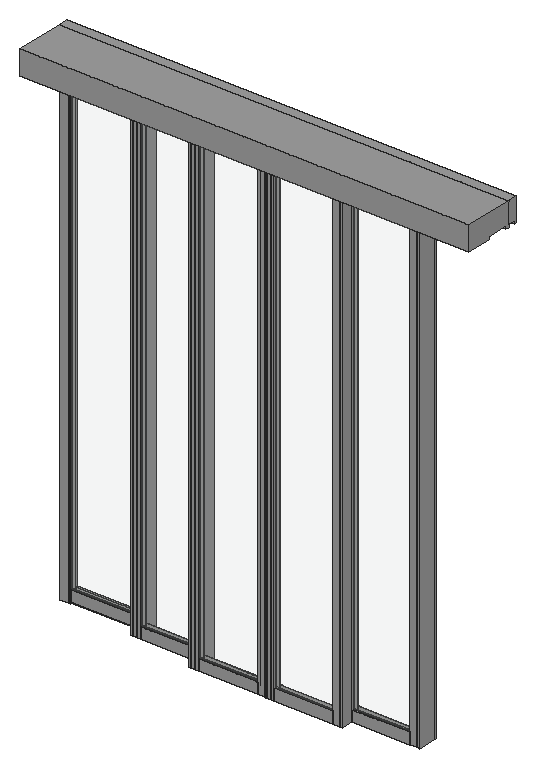
Revit family "agtatec_Record_SldngDrset_D-TSA-Telescopic_CurtainWallPanel", category Curtain Panels, Revit 2015 (continued)
Definition of nested family "D-TSA-Telescopic"
  Definition of nested family "Interlacing profile - Inner"
    Automatic sketch dimensions
      Masking region 2 sketch curve to plane 6 = 0 mm
      plane 1 "Center (Front/Back)" to Masking region 2 sketch curve = 0 mm
      Masking region 2 sketch curve to plane 3 "Center (Left/Right)" = 0 mm
      Masking region 2 sketch curve to plane 3 "Center (Left/Right)" = 32 mm
      plane 3 "Center (Left/Right)" to Masking region 2 sketch curve = 12 mm
      Masking region 2 sketch curve to Masking region 2 sketch curve = 37 mm
      plane 6 to Masking region 2 sketch curve = 2 mm
      Masking region 2 sketch curve to plane 1 "Center (Front/Back)" = 10 mm
      plane 1 "Center (Front/Back)" to Masking region 3 sketch curve = 0 mm
      Masking region 3 sketch curve to plane 6 = 0 mm
      Masking region 3 sketch curve to plane 3 "Center (Left/Right)" = 0 mm
      Masking region 3 sketch curve to plane 3 "Center (Left/Right)" = 32 mm
      plane 3 "Center (Left/Right)" to Masking region 3 sketch curve = 12 mm
      Masking region 3 sketch curve to plane 1 "Center (Front/Back)" = 10 mm
      plane 1 "Center (Front/Back)" to curve 1 = 0 mm
      curve 1 to plane 3 "Center (Left/Right)" = 0 mm
      curve 2 to plane 3 "Center (Left/Right)" = 32 mm
      curve 1 to plane 1 "Center (Front/Back)" = 10 mm
  Definition of nested family "Outer Panel"
    Parameters
      Panel Height = 2200 mm
      Panel Glass = none
      Panel Frames = none
      Outer Panel Width = 373 mm
    Reference planes
      plane 1 "Center (Front/Back)": y = 0
      plane 2: z = 0
      plane 3 "Center (Left/Right)": x = 0
      plane 4: x = 373
      plane 5: z = 2200
      plane 6: x = 341
      plane 7: x = 32
      plane 8: z = 2181
      plane 9 "Above": z = 42
      plane 10: x = 354.5
      plane 11: x = 18.5
      plane 12: y = 32
      plane 13: x = 10
    Forms (mm)
      Extrusion 1, solid, material <- "Panel Frames"
        sketch origin (0, 0, 0) x (1, 0, 0) y (0, 1, 0)
          loop
            line (0, 0) -> (32, 0) -> (32, 2.5) -> (16, 2.5) -> (16, 29.5) -> (32, 29.5) -> (32, 32) -> (0, 32) -> (0, 0)
        from 0 to 2200
      Extrusion 2, solid, material <- "Panel Frames"
        sketch origin (591.5, 0, 0) x (-1, 0, 0) y (0, -1, 0)
          loop
            line (218.5, 0) -> (218.5, -32) -> (250.5, -32) -> (250.5, -29.5) -> (234.5, -29.5) -> (234.5, -2.5) -> (250.5, -2.5) -> (250.5, 0) -> (218.5, 0)
        from 0 to 2200
      Extrusion 3, solid, material <- "Panel Frames"
        sketch origin (75, 0, 0) x (0, 1, 0) y (0, 0, 1)
          loop
            line (0, 2200) -> (0, 2168) -> (2.5, 2168) -> (2.5, 2184) -> (29.5, 2184) -> (29.5, 2168) -> (32, 2168) -> (32, 2200) -> (0, 2200)
        from -43 to 266
      Extrusion 4, solid, material <- "Panel Glass"
        sketch origin (0, 0, 0) x (1, 0, 0) y (0, 1, 0)
          loop
            line (18.5, 28) -> (18.5, 4) -> (354.5, 4) -> (354.5, 28) -> (18.5, 28)
        from 42 to 2181
      Extrusion 5, solid, material <- "Panel Frames"
        sketch origin (20, 0, 0) x (0, 1, 0) y (0, 0, 1)
          loop
            line (0, 5) -> (3.25, 5) -> (3.25, 0) -> (28.75, 0) -> (28.75, 5) -> (32, 5) -> (32, 55) -> (29.5, 55) -> (29.5, 39) -> (2.5, 39) -> (2.5, 55) -> (0, 55) -> (0, 5)
        from 12 to 321
    Lines and regions (mm)
      Masking region 1
        outline origin (0, 0, 0) x (1, 0, 0) y (0, 1, 0)
          loop
            line (0, 32) -> (0, 0) -> (373, 0) -> (373, 32) -> (10, 32) -> (0, 32)
      symbolic lines, detail levels medium+fine
        curve 1: line (341, 32, 42) -> (341, 29.5, 42)
        curve 2: line (32, 32, 42) -> (32, 29.5, 42)
        curve 18: line (341, 2.5, 42) -> (341, 0, 42)
        curve 20: line (32, 2.5, 42) -> (32, 0, 42)
      symbolic lines, detail levels fine
        curve 3: line (32, 28, 42) -> (341, 28, 42)
        curve 4: line (32, 4, 42) -> (341, 4, 42)
        curve 5: line (341, 29.5, 42) -> (357, 29.5, 42)
        curve 6: line (357, 29.5, 42) -> (357, 2.5, 42)
        curve 7: line (357, 2.5, 42) -> (341, 2.5, 42)
        curve 8: line (341, 28, 42) -> (354.5, 28, 42)
        curve 9: line (354.5, 28, 42) -> (354.5, 4, 42)
        curve 10: line (354.5, 4, 42) -> (341, 4, 42)
        curve 11: line (32, 29.5, 42) -> (16, 29.5, 42)
        curve 12: line (16, 29.5, 42) -> (16, 2.5, 42)
        curve 13: line (16, 2.5, 42) -> (32, 2.5, 42)
        curve 14: line (32, 4, 42) -> (18.5, 4, 42)
        curve 15: line (18.5, 4, 42) -> (18.5, 28, 42)
        curve 16: line (18.5, 28, 42) -> (32, 28, 42)
      symbolic lines, detail levels medium
        curve 17: line (341, 29.5, 42) -> (341, 2.5, 42)
        curve 19: line (32, 29.5, 42) -> (32, 2.5, 42)
    Dimensions and locks
      "Panel Height": plane 5 to plane 2
      locked: plane 7 to plane 3 "Center (Left/Right)" at 32
      locked: plane 6 to plane 4 at 32
      locked: plane 5 to plane 8 at 19
      locked: plane 9 "Above" to level at 42
      locked: plane 4 to plane 10 at 18.5
      locked: plane 11 to plane 3 "Center (Left/Right)" at 18.5
      "Outer Panel Width": plane 4 to plane 3 "Center (Left/Right)"
      locked: plane 3 "Center (Left/Right)" to plane 13 at 10
      aligned and locked: plane 2 to level
      aligned and locked: plane 5 to Extrusion 2
      aligned and locked: plane 5 to Extrusion 1
      aligned and locked: Extrusion 3 to plane 7
      aligned and locked: Extrusion 3 to plane 6
      aligned and locked: plane 8 to Extrusion 4
      aligned and locked: Extrusion 4 to plane 9 "Above"
      aligned and locked: Extrusion 4 to plane 10
      aligned and locked: Extrusion 4 to plane 11
      aligned and locked: Extrusion 1 to level
      aligned and locked: Extrusion 2 to level
      aligned and locked: Extrusion 5 to plane 6
      aligned and locked: Extrusion 5 to plane 7
      aligned and locked: Masking region 1 sketch curve to plane 4
    Automatic sketch dimensions
      Extrusion 1 sketch curve to plane 3 "Center (Left/Right)" = 0 mm
      Extrusion 1 sketch curve to plane 7 = 0 mm  (x2)
      plane 1 "Center (Front/Back)" to Extrusion 1 sketch curve = 0 mm
      Extrusion 1 sketch curve to plane 11 = 2.5 mm
      Extrusion 1 sketch curve to Extrusion 1 sketch curve = 2.5 mm  (x2)
      Extrusion 1 sketch curve to Extrusion 1 sketch curve = 27 mm
      Extrusion 2 sketch curve to plane 4 = 0 mm
      Extrusion 2 sketch curve to plane 6 = 0 mm  (x2)
      plane 1 "Center (Front/Back)" to Extrusion 2 sketch curve = 0 mm
      plane 10 to Extrusion 2 sketch curve = 2.5 mm
      Extrusion 2 sketch curve to Extrusion 2 sketch curve = 2.5 mm  (x2)
      Extrusion 2 sketch curve to Extrusion 2 sketch curve = 27 mm
      Extrusion 3 sketch curve to plane 1 "Center (Front/Back)" = 0 mm
      Extrusion 3 sketch curve to plane 5 = 0 mm
      Extrusion 3 sketch curve to plane 1 "Center (Front/Back)" = 2.5 mm
      plane 8 to Extrusion 3 sketch curve = 3 mm
      Extrusion 3 sketch curve to Extrusion 3 sketch curve = 27 mm
      Extrusion 3 sketch curve to Extrusion 3 sketch curve = 2.5 mm
      Extrusion 3 sketch curve to plane 8 = 13 mm  (x2)
      Extrusion 4 sketch curve to plane 11 = 0 mm
      Extrusion 4 sketch curve to plane 10 = 0 mm
      Extrusion 4 sketch curve to plane 1 "Center (Front/Back)" = 4 mm
      Extrusion 4 sketch curve to Extrusion 4 sketch curve = 24 mm
      Extrusion 5 sketch curve to plane 1 "Center (Front/Back)" = 0 mm
      Extrusion 5 sketch curve to level = 0 mm
      Extrusion 5 sketch curve to plane 1 "Center (Front/Back)" = 3.25 mm
      Extrusion 5 sketch curve to plane 1 "Center (Front/Back)" = 2.5 mm
      level to Extrusion 5 sketch curve = 5 mm
      Extrusion 5 sketch curve to Extrusion 5 sketch curve = 25.5 mm
      plane 9 "Above" to Extrusion 5 sketch curve = 13 mm  (x2)
      Extrusion 5 sketch curve to Extrusion 5 sketch curve = 27 mm
      Extrusion 5 sketch curve to Extrusion 5 sketch curve = 2.5 mm
      Extrusion 5 sketch curve to Extrusion 5 sketch curve = 5 mm
      Extrusion 5 sketch curve to plane 9 "Above" = 3 mm
      plane 1 "Center (Front/Back)" to Masking region 1 sketch curve = 0 mm
      curve 9 to plane 10 = 0 mm
      curve 3 to plane 6 = 0 mm
      curve 5 to plane 6 = 0 mm
      curve 4 to plane 7 = 0 mm
      curve 3 to plane 7 = 0 mm
      curve 15 to plane 11 = 0 mm
      plane 1 "Center (Front/Back)" to curve 18 = 0 mm
      plane 1 "Center (Front/Back)" to curve 20 = 0 mm
      curve 5 to plane 10 = 2.5 mm
      curve 11 to plane 11 = 2.5 mm
      curve 7 to plane 1 "Center (Front/Back)" = 2.5 mm
      curve 12 to plane 1 "Center (Front/Back)" = 2.5 mm
      curve 15 to curve 12 = 1.5 mm
      curve 4 to curve 14 = 0 mm
      curve 10 to curve 4 = 0 mm
      curve 16 to curve 14 = 24 mm
      curve 11 to curve 3 = 1.5 mm
      curve 5 to curve 3 = 1.5 mm
      curve 1 to curve 5 = 2.5 mm
      curve 2 to curve 11 = 2.5 mm
      Masking region 1 sketch curve to plane 3 "Center (Left/Right)" = 0 mm
      Masking region 1 sketch curve to plane 13 = 0 mm
      Masking region 1 sketch curve to plane 12 = 0 mm
Types (13, lengths in mm): name | Without side panels | With side panels | TotalWidth | TotalHeight | RightPanel | NominalWidth | NominalHeight | LeftPanel | DriveUnitHeight
  (no name) | no | no | 1644 | 2295 | no | 1644 | 2295 | yes | 108
  D-TSA 150 mm drive unit height - side panel left | no | no | 1644 | 2337 | no | 1644 | 2337 | yes | 150
  D-TSA 150 mm drive unit height - side panel right | no | no | 1644 | 2337 | yes | 1644 | 2337 | no | 150
  D-TSA 150 mm drive unit height - with two side panels | no | yes | 2000 | 2337 | yes | 2000 | 2337 | yes | 150
  D-TSA 150 mm drive unit height - without side panels | yes | no | 1288 | 2337 | no | 1288 | 2337 | no | 150
  D-TSA 200 mm drive unit height - side panel left | no | no | 1644 | 2387 | no | 1644 | 2387 | yes | 200
  D-TSA 200 mm drive unit height - side panel right | no | no | 1644 | 2387 | yes | 1644 | 2387 | no | 200
  D-TSA 200 mm drive unit height - with two side panels | no | yes | 2000 | 2387 | yes | 2000 | 2387 | yes | 200
  D-TSA 200 mm drive unit height - without side panels | yes | no | 1288 | 2387 | no | 1288 | 2387 | no | 200
  D-TSA 108 mm drive unit height - side panel left | no | no | 1644 | 2295 | no | 1644 | 2295 | yes | 108
  D-TSA 108 mm drive unit height - side panel right | no | no | 1644 | 2295 | yes | 1644 | 2295 | no | 108
  D-TSA 108 mm drive unit height - with two side panels | no | yes | 2000 | 2295 | yes | 2000 | 2295 | yes | 108
  D-TSA 108 mm drive unit height - without side panels | yes | no | 1288 | 2295 | no | 1288 | 2295 | no | 108
